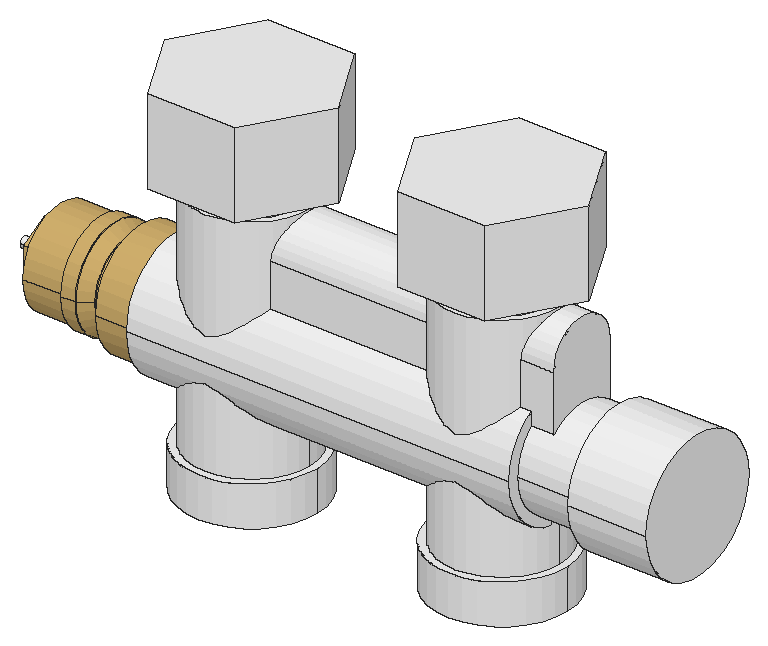
Revit family "1VHS-UN_Straight_DN15-20_RFA", category Pipe Accessories, Revit 2019
Family settings
  Round Connector Dimension = Use Diameter
  Part Type = Valve - Breaks Into
  OmniClass Number = 23.65.55.14.17
  OmniClass Title = Adjusting/Controlling Valves for Liquid Services
  Work Plane-Based = No
  Always vertical = Yes
  Cut with Voids When Loaded = No
  Shared = No
Parameters (values of type "VHS-UN_Straight_DN15-20_013G4742")
  Weight = 0.75 kg
  W [instance] = 30.094 mm
  Valve Body Material = Danfoss Nickel Plated Brass
  URL = "https://store.danfoss.com/en/Climate-Solutions-for-heating/Radiator-Thermostats/Radiator-Valves/VHS-Valves/Presetting-VHS-valves/c/13834?q=%3Arelevance%3Adanfoss_producttypehierarchydesc%3AVHS-UN%3Adanfoss_a223339155%3AA223_3391558c5e50fab3748e9c53a6863b3dce1401&text="
  TL2 = 62.0 mm
  TL1 = 67.759 mm
  TH = 74.0 mm
  TD = RN1 * 2  # 34.75 mm
  R_nut200 = 17.4 mm
  RN = 13.2 mm
  RN1 = 17.375 mm
  RB2 = 10.3 mm
  RV3 = 12.75 mm
  RV8 = 1.0 mm
  RN2 = 6.0 mm
  RV7 = 9.5 mm
  RV6 = 10.0 mm
  RV5 = 8.2 mm
  RV4 = 11.45 mm
  RV2 = 10.5 mm
  RV1 = 12.5 mm
  RB1 = 11.7 mm
  Pressure Drop [instance] = 0.0 Pa
  Max Medium Temperature = "120 °C"  # constant formula
  L2_2 = 36.5 mm
  L2_1 = 40.0 mm
  L1 = 3.3 mm
  L3 = 23.1 mm
  L4 = 12.0 mm
  L_3 = 3.397 mm
  L_4 = 3.9 mm
  L_6 = 10.1 mm
  L [instance] = 134.5 mm
  H3 = 17.0 mm
  H4 = 8.0 mm
  Model Type = "VHS-UN_Straight_DN15-20"
  Model = "013G4742"
  Max Operating Pressure = "10 bar"  # constant formula
  Max Differential Pressure = "0.6 bar"  # constant formula
  Manufacturer = "Danfoss"  # constant formula
  L_EQ = 25.0 mm
  LOD 350 = not(LOD 200)  # yes
  LOD 200 = no
  L_5 = -1.2 mm
  L2 = 80.0 mm
  L_1 = 1.8 mm
  L_2 = 2.5 mm
  Kvs = 0.57 m³/h
  Keynote = ""
  IfcExportType = "VHS-UN"  # constant formula
  IfcExportAs = "IfcValveType"  # constant formula
  HH = 46.0 mm
  H1 = 3.0 mm
  H0 = 28.0 mm
  H [instance] = 74.0 mm
  Flow [instance] = 0.0 m³/h
  Description = "Thermostatic H-piece Valve"  # constant formula
  DR = 15 mm
  W_nut1 = RN1 * cos(30.00°)  # 15.047 mm
  W_nut2 = RN2 * cos(30.00°)  # 5.196 mm
  D = 20.0 mm
  CGAP = 50.0 mm
  LM = 25.0 mm
  Application = "2-pipe system"  # constant formula
Types (2, lengths in mm): name | Weight | Model Type | Model | DR
  VHS-UN_Straight_DN15-20_013G4742 | 0.75 kg | "VHS-UN_Straight_DN15-20" | "013G4742" | 15
  VHS-UN_Straight_DN20-20_013G4744 | 0.68 kg | "VHS-UN_Straight_DN20-20" | "013G4744" | 20
Reference planes
  plane 1 "Center (Front/Back)": y = 0
  plane 2 "XYPLANE": z = 0
  plane 3 "Center (Left/Right)": x = 0
  plane 4 "338": y = 0
  plane 5 "337": z = 0
  plane 6 "315": x = -66.4
  plane 7 "217": z = 46
  plane 8 "216": z = 29
  plane 9 "215": z = 26
  plane 10 "209": y = 0
  plane 11 "208": z = 0
  plane 12 "200": y = 0
  plane 13 "199": z = 0
  plane 14 "186": z = -20
  plane 15 "122": y = -17.375
  plane 16 "104": y = 17.375
  plane 17 "87": z = -28
  plane 18 "79": x = 25
  plane 19 "77": x = -25
  plane 20 "76": z = 0
  plane 21 "44": y = 0
  plane 22 "334XZ": y = 0
  plane 23 "334YZ": z = 0
  plane 24 "204XZ": y = 0
  plane 25 "204YZ": z = 0
  plane 26 "198XZ": y = 0
  plane 27 "198YZ": z = 0
  plane 28: x = -8
  plane 29: x = 8
  plane 30: x = 36.5
  plane 31: x = -40
  plane 32: x = 48.5
  plane 33: x = -63.1
Forms (mm)
  Extrusion 1, solid, material "Danfoss Nickel Plated Brass" <- "Valve Body Material", detail levels fine
    sketch origin (-72.2, -750, 0) x (0, 1, 0) y (0, 0, 1)
      loop
        circle (750, 0) r 1
    from 5.8 to 1.8 <- "L_1"
  Extrusion 2, solid, material "Danfoss Brass", visible <- "LOD 350", detail levels fine
    sketch origin (-66.4, -750, 0) x (0, 1, 0) y (0, 0, 1)
      loop
        line (750, 6) -> (744.804, 3) -> (744.804, -3) -> (750, -6) -> (755.196, -3) -> (755.196, 3) -> (750, 6)
    from 3.3 to 0
  Extrusion 3, solid, material "Danfoss Brass", visible <- "LOD 350", detail levels fine
    sketch origin (-57.6, -750, 0) x (0, 1, 0) y (0, 0, 1)
      loop
        circle (750, 0) r 10
    from 5.397 to 2.5 <- "L_2"
  Blend 4, solid, material "Danfoss Brass", visible <- "LOD 350", detail levels fine
    base sketch origin (-55.6, -750, 0) x (0, 1, 0) y (0, 0, 1)
      loop
        circle (750, 0) r 8.2
    top sketch origin (-55.6, -750, 0) x (0, 1, 0) y (0, 0, 1)
      loop
        circle (750, 0) r 10
    from 5.9 to 3.397 <- "L_3"
  Extrusion 5, solid, material "Danfoss Brass", visible <- "LOD 350", detail levels fine
    sketch origin (-53.6, -750, 0) x (0, 1, 0) y (0, 0, 1)
      loop
        circle (750, 0) r 8.2
    from 6.6 to 3.9 <- "L_4"
  Extrusion 6, solid, material "Danfoss Nickel Plated Brass" <- "Valve Body Material", detail levels fine
    sketch origin (54, -750, 0) x (0, 1, 0) y (0, 0, 1)
      loop
        circle (750, 0) r 12.75
    from -5.5 to 10.1 <- "L_6"
  Extrusion 7, solid, material "Danfoss Brass", visible <- "LOD 350", detail levels fine
    sketch origin (-59.6, -750, 0) x (0, 1, 0) y (0, 0, 1)
      loop
        circle (750, 0) r 9.5
    from 4.5 to -3.5
  Extrusion 8, solid, material "Danfoss Nickel Plated Brass" <- "Valve Body Material", visible <- "LOD 350", detail levels fine
    sketch origin (-750, 0, 26) x (1, 0, 0) y (0, 1, 0)
      loop
        circle (775, 0) r 10.3
    from 0 to 3 <- "H1"
  Extrusion 9, solid, material "Danfoss Nickel Plated Brass" <- "Valve Body Material", visible <- "LOD 350", detail levels fine
    sketch origin (-750, 0, 26) x (1, 0, 0) y (0, 1, 0)
      loop
        circle (725, 0) r 10.3
    from 0 to 3 <- "H1"
  Extrusion 10, solid, material "Danfoss Brass", detail levels fine
    sketch origin (-45.8, -750, 0) x (0, 1, 0) y (0, 0, 1)
      loop
        circle (750, 0) r 11.45
    from 5.8 to -1.2 <- "L_5"
  Extrusion 11, solid, material "Danfoss Nickel Plated Brass" <- "Valve Body Material", visible <- "LOD 350", detail levels fine
    sketch origin (46, -750, 0) x (0, 1, 0) y (0, 0, 1)
      loop
        circle (750, 0) r 10.5
    from -9.5 to 2.5
  Extrusion 12, solid, material "Danfoss Nickel Plated Brass" <- "Valve Body Material", detail levels fine
    sketch origin (-750, 0, -28) x (1, 0, 0) y (0, 1, 0)
      loop
        circle (775, 0) r 13.2
    from 0 to 8 <- "H4"
  Extrusion 13, solid, material "Danfoss Nickel Plated Brass" <- "Valve Body Material", detail levels fine
    sketch origin (-750, 0, -28) x (1, 0, 0) y (0, 1, 0)
      loop
        circle (725, 0) r 13.2
    from 0 to 8 <- "H4"
  Extrusion 14, solid, material "Danfoss Nickel Plated Brass" <- "Valve Body Material", visible <- "LOD 350", detail levels fine
    sketch origin (-750, 0, -20) x (1, 0, 0) y (0, 1, 0)
      loop
        circle (775, 0) r 11.7
    from 0 to 46 <- "HH"
  Extrusion 15, solid, material "Danfoss Nickel Plated Brass" <- "Valve Body Material", visible <- "LOD 350", detail levels fine
    sketch origin (-750, 0, 29) x (1, 0, 0) y (0, 1, 0)
      loop
        line (766.312, 15.047) -> (757.625, 0) -> (766.313, -15.047) -> (783.688, -15.047) -> (792.375, 0) -> (783.688, 15.047) -> (766.312, 15.047)
    from 0 to 17 <- "H3"
  Extrusion 16, solid, material "Danfoss Nickel Plated Brass" <- "Valve Body Material", visible <- "LOD 350", detail levels fine
    sketch origin (-750, 0, -20) x (1, 0, 0) y (0, 1, 0)
      loop
        circle (725, 0) r 11.7
    from 0 to 46 <- "HH"
  Extrusion 17, solid, material "Danfoss Nickel Plated Brass" <- "Valve Body Material", visible <- "LOD 350", detail levels fine
    sketch origin (-749.375, 0, 29) x (1, 0, 0) y (0, 1, 0)
      loop
        line (715.688, 15.047) -> (707, 0) -> (715.688, -15.047) -> (733.063, -15.047) -> (741.75, 0) -> (733.062, 15.047) -> (715.688, 15.047)
    from 0 to 17 <- "H3"
  Extrusion 18, solid, material "Danfoss Nickel Plated Brass" <- "Valve Body Material", visible <- "LOD 350", detail levels fine
    sketch origin (-39, -750, 0) x (0, 1, 0) y (0, 0, 1)
      loop
        circle (750, 0) r 12.5
    from -1 to 75.5
  Extrusion 19, solid, material "Danfoss Brass", visible <- "LOD 200", detail levels fine
    sketch origin (-66.4, -750, 0) x (0, 1, 0) y (0, 0, 1)
      loop
        circle (750, 0) r 9.5
    from 0 to 19.4
  Revolve 20, solid, material "Danfoss Nickel Plated Brass" <- "Valve Body Material", visible <- "LOD 200", detail levels fine
    sketch origin (0, 0, 0) x (1, 0, 0) y (0, 0, 1)
      loop
        line (-40, 0) -> (48.5, 0) -> (48.5, 12.5) -> (-40, 12.5) -> (-40, 0)
      axis (-40, 0) -> (48.5, 0)
    angle from 0 to 360
  Extrusion 21, solid, material "Danfoss Nickel Plated Brass" <- "Valve Body Material", visible <- "LOD 200", detail levels fine
    sketch origin (0, 0, 0) x (1, 0, 0) y (0, 1, 0)
      loop
        circle (-25, 0) r 11.7
      loop
        circle (25, 0) r 11.7
    from -20 to 29
  Extrusion 22, solid, material "Danfoss Nickel Plated Brass" <- "Valve Body Material", visible <- "LOD 200", detail levels fine
    sketch origin (0, 0, 0) x (1, 0, 0) y (0, 1, 0)
      loop
        circle (-25, 0) r 17.4
      loop
        circle (25, 0) r 17.4
    from 29 to 46
  Extrusion 23, solid, material "Danfoss Nickel Plated Brass" <- "Valve Body Material", visible <- "LOD 350", detail levels fine
    sketch origin (-66.4, -750, 0) x (0, 1, 0) y (0, 0, 1)
      loop
        line (756.992, 0) -> (756.992, 18.802)
        arc (756.992, 18.802) -> (749.992, 25.802) -> (742.992, 18.802) r 7
        line (742.992, 18.802) -> (742.992, 0) -> (756.992, 0)
    from 41.4 to 107.446
Lines and regions (mm)
  reference lines, not visible
    curve 1: circle (2, 2, 0) r 1 normal (0, 0, 1)
  reference lines
    curve 2: line (-66.4, 0, 0) -> (-66.4, 2.598, -1.5)
    curve 3: line (-66.4, 0, 0) -> (-66.4, 0, -3)
    curve 4: line (-66.4, 0, 0) -> (-66.4, -2.598, -1.5)
    curve 5: line (25, 0, 29) -> (33.375, 0, 29)
    curve 6: line (25, 0, 29) -> (29.187, -7.253, 29)
    curve 7: line (25, 0, 29) -> (20.813, -7.253, 29)
    curve 8: line (-25, 0, 29) -> (-16.625, 0, 29)
    curve 9: line (-25, 0, 29) -> (-20.812, -7.253, 29)
    curve 10: line (-25, 0, 29) -> (-29.187, -7.253, 29)
Dimensions and locks
  plane 1 "Center (Front/Back)" to curve 1 = 2.0 mm
  locked: plane 21 "44" to plane 4 "338"
  locked: plane 20 "76" to plane 5 "337"
  "H3": plane 8 "216" to plane 7 "217"
  "H1": plane 9 "215" to plane 8 "216"
  "HH": plane 14 "186" to plane 9 "215"
  locked: plane 21 "44" to plane 10 "209"
  locked: plane 20 "76" to plane 11 "208"
  locked: plane 21 "44" to plane 12 "200"
  locked: plane 20 "76" to plane 13 "199"
  "H4": plane 17 "87" to plane 14 "186"
  "RN1": plane 1 "Center (Front/Back)" to plane 15 "122"
  "RN1": plane 1 "Center (Front/Back)" to plane 16 "104"
  "H0": plane 2 "XYPLANE" to plane 17 "87"
  "CGAP": plane 19 "77" to plane 18 "79"
  "LM": plane 3 "Center (Left/Right)" to plane 19 "77"
  locked: plane 2 "XYPLANE" to plane 20 "76"
  locked: plane 1 "Center (Front/Back)" to plane 21 "44"
  "W_nut2": curve 2 to Extrusion 2 sketch curve  (x2)
  "W_nut2": curve 3 to Extrusion 2 sketch curve  (x2)
  "W_nut2": curve 4 to Extrusion 2 sketch curve  (x2)
  Extrusion 2 sketch curve to Extrusion 2 sketch curve = 0.0 mm  (x12)
  "W_nut1": curve 5 to Extrusion 15 sketch curve  (x2)
  "W_nut1": curve 6 to Extrusion 15 sketch curve  (x2)
  "W_nut1": curve 7 to Extrusion 15 sketch curve  (x2)
  Extrusion 15 sketch curve to Extrusion 15 sketch curve = 0.0 mm  (x12)
  "W_nut1": curve 8 to Extrusion 17 sketch curve  (x2)
  "W_nut1": curve 9 to Extrusion 17 sketch curve  (x2)
  "W_nut1": curve 10 to Extrusion 17 sketch curve  (x2)
  Extrusion 17 sketch curve to Extrusion 17 sketch curve = 0.0 mm  (x12)
  "L_EQ": plane 18 "79" to plane 3 "Center (Left/Right)"
  "L_EQ": plane 3 "Center (Left/Right)" to plane 19 "77"
  "L4": plane 30 to plane 32
  "L3": plane 33 to plane 31
  "L1": plane 6 "315" to plane 33
  locked: plane 19 "77" to plane 3 "Center (Left/Right)" at 25
  locked: plane 3 "Center (Left/Right)" to plane 18 "79" at 25
  "RV1": Revolve 20 sketch curve to level
  "L2_1": plane 3 "Center (Left/Right)" to plane 31
  "L2_2": plane 30 to plane 3 "Center (Left/Right)"
  "H": plane 7 "217" to plane 17 "87"
  "L": Extrusion 1 to Extrusion 6
  "W": Extrusion 17 to Extrusion 17
  "RV8": radius of Extrusion 1 sketch curve
  "RV6": radius of Extrusion 3 sketch curve
  "RV6": radius of Blend 4 sketch curve
  "RV5": radius of Blend 4 sketch curve
  "RV5": radius of Extrusion 5 sketch curve
  "RV3": radius of Extrusion 6 sketch curve
  "RV7": radius of Extrusion 7 sketch curve
  "RB2": radius of Extrusion 8 sketch curve
  "RB2": radius of Extrusion 9 sketch curve
  "RV4": radius of Extrusion 10 sketch curve
  "RV2": radius of Extrusion 11 sketch curve
  "RN": radius of Extrusion 12 sketch curve
  "RN": radius of Extrusion 13 sketch curve
  "RB1": radius of Extrusion 14 sketch curve
  "RB1": radius of Extrusion 16 sketch curve
  "RV1": radius of Extrusion 18 sketch curve
  "RV7": radius of Extrusion 19 sketch curve
  "RB1": radius of Extrusion 21 sketch curve  (x2)
  "R_nut200": radius of Extrusion 22 sketch curve  (x2)
  locked: curve 3 to curve 2 (angle 60.00°)
  locked: curve 4 to curve 3 (angle 60.00°)
  locked: curve 4 to curve 2 (angle 120.00°)
  locked: curve 6 to curve 5 (angle 60.00°)
  locked: curve 7 to curve 6 (angle 60.00°)
  locked: curve 7 to curve 5 (angle 120.00°)
  locked: curve 9 to curve 8 (angle 60.00°)
  locked: curve 10 to curve 9 (angle 60.00°)
  locked: curve 10 to curve 8 (angle 120.00°)
  aligned and locked: level to plane 2 "XYPLANE"
  aligned and locked: plane 20 "76" to Extrusion 1 sketch curve
  aligned and locked: Extrusion 1 sketch curve to plane 21 "44"
  aligned and locked: plane 20 "76" to curve 4
  aligned and locked: curve 4 to plane 21 "44"
  aligned and locked: plane 20 "76" to Extrusion 3 sketch curve
  aligned and locked: Extrusion 3 sketch curve to plane 21 "44"
  aligned and locked: plane 20 "76" to Blend 4 sketch curve  (x2)
  aligned and locked: Blend 4 sketch curve to plane 21 "44"  (x2)
  aligned and locked: plane 20 "76" to Extrusion 5 sketch curve
  aligned and locked: Extrusion 5 sketch curve to plane 21 "44"
  aligned and locked: plane 20 "76" to Extrusion 6 sketch curve
  aligned and locked: Extrusion 6 sketch curve to plane 21 "44"
  aligned and locked: plane 20 "76" to Extrusion 7 sketch curve
  aligned and locked: Extrusion 7 sketch curve to plane 21 "44"
  aligned and locked: plane 18 "79" to Extrusion 8 sketch curve
  aligned and locked: plane 21 "44" to Extrusion 8 sketch curve
  aligned and locked: plane 19 "77" to Extrusion 9 sketch curve
  aligned and locked: plane 21 "44" to Extrusion 9 sketch curve
  aligned and locked: plane 20 "76" to Extrusion 10 sketch curve
  aligned and locked: Extrusion 10 sketch curve to plane 21 "44"
  aligned and locked: plane 20 "76" to Extrusion 11 sketch curve
  aligned and locked: Extrusion 11 sketch curve to plane 21 "44"
  aligned and locked: plane 18 "79" to Extrusion 12 sketch curve
  aligned and locked: plane 21 "44" to Extrusion 12 sketch curve
  aligned and locked: plane 19 "77" to Extrusion 13 sketch curve
  aligned and locked: plane 21 "44" to Extrusion 13 sketch curve
  aligned and locked: plane 18 "79" to Extrusion 14 sketch curve
  aligned and locked: plane 21 "44" to Extrusion 14 sketch curve
  aligned and locked: plane 18 "79" to curve 7
  aligned and locked: plane 21 "44" to curve 7
  aligned and locked: plane 19 "77" to Extrusion 16 sketch curve
  aligned and locked: plane 21 "44" to Extrusion 16 sketch curve
  aligned and locked: plane 19 "77" to curve 9
  aligned and locked: plane 21 "44" to curve 9
  aligned and locked: plane 20 "76" to Extrusion 18 sketch curve
  aligned and locked: Extrusion 18 sketch curve to plane 21 "44"
  aligned and locked: plane 3 "Center (Left/Right)" to nested 1
  aligned and locked: plane 17 "87" to nested 1
  aligned and locked: nested 1 to plane 26 "198XZ"
  aligned and locked: Extrusion 18 to plane 31
  aligned and locked: plane 30 to Extrusion 18
  aligned and locked: Extrusion 11 to plane 30
  aligned and locked: plane 32 to Extrusion 11
  aligned and locked: Extrusion 6 to plane 32
  aligned and locked: plane 31 to Extrusion 10
  aligned and locked: Extrusion 5 to Extrusion 10
  aligned and locked: Blend 4 to Extrusion 5
  aligned and locked: Extrusion 3 to Blend 4
  aligned and locked: Extrusion 7 to Extrusion 3
  aligned and locked: Extrusion 7 to plane 33
  aligned and locked: plane 33 to Extrusion 2
  aligned and locked: Extrusion 2 to plane 6 "315"
  aligned and locked: Extrusion 1 to plane 6 "315"
  aligned and locked: Extrusion 19 to Extrusion 10
  aligned and locked: Extrusion 19 to plane 6 "315"
  aligned and locked: Revolve 20 sketch curve to level  (x2)
  aligned and locked: plane 31 to Revolve 20 sketch curve
  aligned and locked: Extrusion 6 to Revolve 20 sketch curve
  aligned and locked: plane 19 "77" to Extrusion 21 sketch curve
  aligned and locked: plane 1 "Center (Front/Back)" to Extrusion 21 sketch curve  (x2)
  aligned and locked: plane 18 "79" to Extrusion 21 sketch curve
  aligned and locked: Extrusion 21 to plane 14 "186"
  aligned and locked: plane 8 "216" to Extrusion 21
  aligned and locked: plane 1 "Center (Front/Back)" to Extrusion 22 sketch curve  (x2)
  aligned and locked: plane 18 "79" to Extrusion 22 sketch curve
  aligned and locked: plane 19 "77" to Extrusion 22 sketch curve
  aligned and locked: Extrusion 22 to plane 8 "216"
  aligned and locked: plane 7 "217" to Extrusion 22
  aligned and locked: level to Extrusion 23 sketch curve
  aligned and locked: Extrusion 23 to plane 19 "77"
Automatic sketch dimensions
  plane 3 "Center (Left/Right)" to curve 1 = 2.0 mm
  plane 1 "Center (Front/Back)" to Extrusion 23 sketch curve = 0.008 mm
  Extrusion 23 sketch curve to plane 1 "Center (Front/Back)" = 6.992 mm
  Extrusion 23 sketch curve to plane 9 "215" = 7.198 mm
  Extrusion 19 sketch curve to level = 0.0 mm
  Extrusion 19 sketch curve to plane 1 "Center (Front/Back)" = 0.0 mm
  Revolve 20 sketch curve to plane 6 "315" = 1285.59 mm
  Revolve 20 sketch curve to plane 32 = 1850.483 mm
  radius of curve 1 = 1.0 mm
Nested families
  nested 1: "Schematic_H-Piece Valve_Straight" at (0, 0, 9), type "Schematic_H-Piece Valve_Straight", detail levels coarse+medium
Connectors
  piping at (-25, 0, 46), diameter 15, driven by "DR", driven by "Flow"
    settings: on Extrusion 17, index 1, connector inside diameter 609.6 mm, connector length 0.0 mm, flow factor 0, pipe flow 0.0 m³/h, pressure drop 0.0 Pa, fitting loss kfactor 0, connector angle 0.00°, fixture units 0, engagement length 0.0 mm, angle of deflection 0.00°, flow configuration 0, flow direction 2, fitting loss method 0, system type 29, joint type 0, gender type 0, connector reference index 4, connector utility 0, adjustable connector no, is connector primary yes, connector description ""
  piping at (25, 0, 46), diameter 15, driven by "DR", driven by "Flow"
    settings: on Extrusion 15, index 2, connector inside diameter 609.6 mm, connector length 0.0 mm, flow factor 0, pipe flow 0.0 m³/h, pressure drop 0.0 Pa, fitting loss kfactor 0, connector angle 0.00°, fixture units 0, engagement length 0.0 mm, angle of deflection 0.00°, flow configuration 0, flow direction 1, fitting loss method 0, system type 29, joint type 0, gender type 0, connector reference index 3, connector utility 0, adjustable connector no, is connector primary no, connector description ""
  piping at (25, 0, -28), diameter 20, driven by "D", driven by "Flow"
    settings: on Extrusion 12, index 3, connector inside diameter 609.6 mm, connector length 0.0 mm, flow factor 0, pipe flow 0.0 m³/h, pressure drop 0.0 Pa, fitting loss kfactor 0, connector angle 0.00°, fixture units 0, engagement length 0.0 mm, angle of deflection 0.00°, flow configuration 0, flow direction 2, fitting loss method 0, system type 29, joint type 0, gender type 0, connector reference index 2, connector utility 0, adjustable connector no, is connector primary no, connector description ""
  piping at (-25, 0, -28), diameter 20, driven by "D", driven by "Flow"
    settings: on Extrusion 13, index 4, connector inside diameter 609.6 mm, connector length 0.0 mm, flow factor 0, pipe flow 0.0 m³/h, pressure drop 0.0 Pa, fitting loss kfactor 0, connector angle 0.00°, fixture units 0, engagement length 0.0 mm, angle of deflection 0.00°, flow configuration 0, flow direction 1, fitting loss method 0, system type 29, joint type 0, gender type 0, connector reference index 1, connector utility 0, adjustable connector no, is connector primary no, connector description ""
Definition of nested family "Schematic_H-Piece Valve_Straight"
  Parameters (values of type "Schematic_H-Piece Valve with Pressure Controller_Straight")
    L_EQ = 25.0 mm
    L = 54.0 mm
    H1 = 81.0 mm
    L1 = L / 2  # 27.0 mm
    D = 33.5 mm
  Reference planes
    plane 1 "Center (Front/Back)": y = 0
    plane 2: z = 0
    plane 3 "Center (Left/Right)": x = 0
    plane 4: x = 25
    plane 5: x = -25
    plane 6: y = 40.5
    plane 7: y = -40.5
    plane 8: x = -41.75
    plane 9: x = 8.25
    plane 10: x = 41.75
    plane 11: x = -8.25
    plane 12: z = -40.5
    plane 13: z = 40.5
    plane 14: z = 13.5
    plane 15: z = -13.5
    plane 16: y = 13.5
    plane 17: y = -13.5
    plane 18: x = 54
    plane 19: x = -54
  Lines and regions (mm)
    model lines
      curve 1: line (25, 0, 0) -> (8.25, 0, -40.5)
      curve 2: line (8.25, 0, -40.5) -> (41.75, 0, -40.5)
      curve 3: line (41.75, 0, -40.5) -> (25, 0, 0)
      curve 4: line (8.25, 0, 40.5) -> (25, 0, 0)
      curve 5: line (41.75, 0, 40.5) -> (25, 0, 0)
      curve 6: line (41.75, 0, 40.5) -> (8.25, 0, 40.5)
      curve 7: line (-41.75, 0, 40.5) -> (-25, 0, 0)
      curve 8: line (-25, 0, 0) -> (-8.25, 0, 40.5)
      curve 9: line (-8.25, 0, 40.5) -> (-41.75, 0, 40.5)
      curve 10: line (-25, 0, 0) -> (-41.75, 0, -40.5)
      curve 11: line (-41.75, 0, -40.5) -> (-8.25, 0, -40.5)
      curve 12: line (-8.25, 0, -40.5) -> (-25, 0, 0)
    symbolic lines
      curve 13: line (25, 0, 0) -> (8.25, 40.5, 0)
      curve 14: line (8.25, 40.5, 0) -> (41.75, 40.5, 0)
      curve 15: line (41.75, 40.5, 0) -> (25, 0, 0)
      curve 16: line (25, 0, 0) -> (8.25, -40.5, 0)
      curve 17: line (8.25, -40.5, 0) -> (41.75, -40.5, 0)
      curve 18: line (41.75, -40.5, 0) -> (25, 0, 0)
      curve 19: line (-25, 0, 0) -> (-41.75, 40.5, 0)
      curve 20: line (-41.75, 40.5, 0) -> (-8.25, 40.5, 0)
      curve 21: line (-8.25, 40.5, 0) -> (-25, 0, 0)
      curve 22: line (-25, 0, 0) -> (-41.75, -40.5, 0)
      curve 23: line (-41.75, -40.5, 0) -> (-8.25, -40.5, 0)
      curve 24: line (-8.25, -40.5, 0) -> (-25, 0, 0)
      curve 25: spline (-54, -13.5, 0) -> (-55.876, -13.04, 0) -> (-57.625, -11.691, 0) -> (-59.127, -9.546, 0) -> (-60.279, -6.75, 0) -> (-61.003, -3.494, 0) -> (-61.25, 0, 0) -> (-61.003, 3.494, 0) -> (-60.279, 6.75, 0) -> (-59.127, 9.546, 0) -> (-57.625, 11.691, 0) -> (-55.876, 13.04, 0) -> (-54, 13.5, 0) -> (-52.124, 13.04, 0) -> (-50.375, 11.691, 0) -> (-48.873, 9.546, 0) -> (-47.721, 6.75, 0) -> (-46.997, 3.494, 0) -> (-46.75, 0, 0) -> (-46.997, -3.494, 0) -> (-47.721, -6.75, 0) -> (-48.873, -9.546, 0) -> (-50.375, -11.691, 0) -> (-52.124, -13.04, 0) -> (-54, -13.5, 0)
      curve 26: spline (54, -13.5, 0) -> (55.876, -13.04, 0) -> (57.625, -11.691, 0) -> (59.127, -9.546, 0) -> (60.279, -6.75, 0) -> (61.003, -3.494, 0) -> (61.25, 0, 0) -> (61.003, 3.494, 0) -> (60.279, 6.75, 0) -> (59.127, 9.546, 0) -> (57.625, 11.691, 0) -> (55.876, 13.04, 0) -> (54, 13.5, 0) -> (52.124, 13.04, 0) -> (50.375, 11.691, 0) -> (48.873, 9.546, 0) -> (47.721, 6.75, 0) -> (46.997, 3.494, 0) -> (46.75, 0, 0) -> (46.997, -3.494, 0) -> (47.721, -6.75, 0) -> (48.873, -9.546, 0) -> (50.375, -11.691, 0) -> (52.124, -13.04, 0) -> (54, -13.5, 0)
      curve 27: line (-54, 13.5, 0) -> (-54, -13.5, 0)
      curve 28: line (54, 13.5, 0) -> (54, -13.5, 0)
      curve 29: line (-46.75, 0, 0) -> (-25, 0, 0)
      curve 30: line (25, 0, 0) -> (46.75, 0, 0)
  Dimensions and locks
    "H1": plane 7 to plane 6
    equal spacing: plane 7, plane 1 "Center (Front/Back)", plane 6
    "H1": plane 13 to plane 12
    equal spacing: plane 13, level, plane 12
    "D": plane 10 to plane 9
    equal spacing: plane 10, plane 4, plane 9
    "D": plane 11 to plane 8
    equal spacing: plane 11, plane 5, plane 8
    "L1": plane 14 to plane 15
    equal spacing: plane 14, level, plane 15
    "L1": plane 17 to plane 16
    equal spacing: plane 17, plane 1 "Center (Front/Back)", plane 16
    "L": plane 18 to plane 3 "Center (Left/Right)"
    "L": plane 3 "Center (Left/Right)" to plane 19
    "L": plane 3 "Center (Left/Right)" to plane 18
    "L": plane 19 to plane 3 "Center (Left/Right)"
    "L_EQ": plane 4 to plane 3 "Center (Left/Right)"
    "L_EQ": plane 3 "Center (Left/Right)" to plane 5
    "L_EQ": plane 5 to plane 3 "Center (Left/Right)"
    "L_EQ": plane 3 "Center (Left/Right)" to plane 4
    aligned and locked: level to plane 2
    aligned and locked: plane 13 to curve 9
    aligned and locked: plane 1 "Center (Front/Back)" to curve 25
    aligned and locked: plane 1 "Center (Front/Back)" to curve 26
  Automatic sketch dimensions
    curve 11 to plane 8 = 0.0 mm
    curve 9 to plane 8 = 0.0 mm
    curve 12 to plane 5 = 0.0 mm
    curve 8 to plane 11 = 0.0 mm
    curve 12 to plane 11 = 0.0 mm
    curve 4 to plane 9 = 0.0 mm
    curve 2 to plane 9 = 0.0 mm
    curve 4 to plane 4 = 0.0 mm
    curve 6 to plane 10 = 0.0 mm
    curve 3 to plane 10 = 0.0 mm
    curve 1 to plane 12 = 0.0 mm
    curve 11 to plane 12 = 0.0 mm
    curve 6 to plane 13 = 0.0 mm
    plane 17 to curve 25 = 0.0 mm
    curve 25 to plane 19 = 0.0 mm
    curve 27 to plane 19 = 0.0 mm
    plane 1 "Center (Front/Back)" to curve 29 = 0.0 mm
    plane 6 to curve 19 = 0.0 mm
    curve 19 to plane 8 = 0.0 mm
    plane 7 to curve 23 = 0.0 mm
    curve 23 to plane 8 = 0.0 mm
    curve 24 to plane 5 = 0.0 mm
    curve 24 to plane 11 = 0.0 mm
    curve 20 to plane 11 = 0.0 mm
    plane 6 to curve 13 = 0.0 mm
    curve 13 to plane 9 = 0.0 mm
    plane 7 to curve 16 = 0.0 mm
    curve 16 to plane 9 = 0.0 mm
    plane 1 "Center (Front/Back)" to curve 15 = 0.0 mm
    curve 15 to plane 4 = 0.0 mm
    curve 14 to plane 10 = 0.0 mm
    curve 18 to plane 10 = 0.0 mm
    plane 17 to curve 28 = 0.0 mm
    curve 28 to plane 18 = 0.0 mm
    curve 26 to plane 18 = 0.0 mm
    curve 29 to plane 8 = 5.0 mm
    plane 10 to curve 30 = 5.0 mm
    curve 5 to level = 0.0 mm
    curve 12 to level = 0.0 mm
